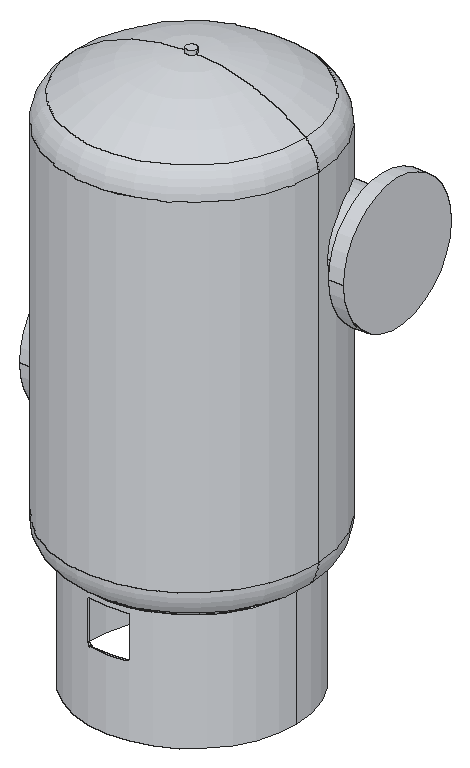
Revit family
Parameters (values of type "12-AS-L 125# W.P.")
  Weight = "960 lbs"
  Top to Inlet = 20.938"
  Top Connection Radius = 0.375"
  Top Connection Diameter = Top Connection Radius * 2  # 0.750"
  Tank Height = 80.500"
  Tangential = yes
  Tank Height Less Stand = 67.875"
  Tank Diameter = 36.000"
  Pipe Location off CL = 7.750"
  Outlet Pipe Flange Conn. Radius = Outlet Pipe Flange Conn / 2  # 6.000"
  Outlet Pipe Flange Conn = 12.000"
  Model = "12\"-AS-L"
  Pressure Drop = ".38"
  Max Operating Temp = "350 DEG F"
  Max Operating Pressure = "125 PSI"
  Manufacturer = "Amtrol"
  Inlet CL to Outlet CL = 26.000"
  Inlet Pipe Flange Conn = 12.000"
  Inlet Pipe Flange Conn. Radius = Inlet Pipe Flange Conn / 2  # 6.000"
  Flow (GPM) = "2100"
  Flange to Flange Height = 46.000"
  CL to Outlet Flange = 23.000"
  Bottom Connection Radius = Bottom Connection Diameter / 2  # 0.375"
  Bottom Connection Diameter = 0.750"
  ASME = yes
Types (5): name | Max Operating Pressure
  (no name) | "125 PSI"
  12-AS-L 125# W.P. | "125 PSI"
  12-AS-L 150# W.P. 10 BAR | "150 PSI"
  12-AS-L 250# W.P. | "250 PSI"
  12-AS-L 300# W.P. | "300 PSI"
Reference planes (in)
  plane 1 "Center (Front/Back)": y = 0
  plane 2: z = 0
  plane 3 "Center (Left/Right)": x = 0
Forms (in)
  Revolve 1, solid
    sketch origin (0, 0, 0) x (1, 0, 0) y (0, 0, 1)
      loop
        arc (0, 0.5) -> (8.56909, 1.97143) -> (16.23242, 6.07845) r 27.125
        arc (16.23242, 6.07845) -> (17.53294, 7.65936) -> (17.99856, 9.65281) r 4.5
        line (17.99856, 9.65281) -> (17.99856, 59.30286)
        arc (17.99856, 59.30286) -> (17.54519, 61.38796) -> (16.18226, 63.0298) r 4.5
        arc (16.18226, 63.0298) -> (8.52182, 67.00629) -> (0, 68.375) r 27.125
        line (0, 68.375) -> (0, 0.5)
      axis (0, 0.5) -> (0, 68.375)
    angle from 0 to 360
  Extrusion 2, solid
    sketch origin (0, 0, 4.33383) x (0, 1, 0) y (0, 0, 1)
      loop
        circle (7.75, 43.09945) r 6
    from 2.04863 to 20.935
  Extrusion 3, solid
    sketch origin (6.40684, 0, 8.25512) x (0, 1, 0) y (0, 0, 1)
      loop
        circle (7.75, 39.17816) r 9.5
    from 14.52816 to 16.59316
  Extrusion 4, solid
    sketch origin (0, 0, 0.63219) x (0, 1, 0) y (0, 0, 1)
      loop
        circle (7.75, 20.80159) r 9.5
    from -20.935 to -23
  Sweep 5, solid
    path origin (-0.01606, 0, 38.68978) x (1, 0, 0) y (0, 0, 1)
      loop
        line (0, 29.6815) -> (0, 30.1875)
    profile origin (-0.01606, 0, 68.62428) x (-1, 0, 0) y (0, -1, 0)
      loop
        circle (0, 0) r 0.75
  Sweep 6, solid
    path origin (0, 0, 0) x (1, 0, 0) y (0, 0, 1)
      loop
        line (0, 0) -> (0, 0.5538)
    profile origin (0, 0, 0.2769) x (-1, 0, 0) y (0, -1, 0)
      loop
        circle (0, 0) r 0.75
  Extrusion 7, solid
    sketch origin (0, 0, 0) x (1, 0, 0) y (0, 1, 0)
      loop
        circle (0, 0) r 15
      loop
        circle (0, 0) r 14.75
    from 5.14449 to -11.85551
  Extrusion 8, void
    sketch origin (0, 0, 0) x (1, 0, 0) y (0, 0, 1)
      loop
        line (-3, 4.39922) -> (-3, -1.28563)
        arc (-3, -1.28563) -> (-2.85355, -1.63919) -> (-2.5, -1.78563) r 0.5
        line (-2.5, -1.78563) -> (2.5, -1.78563)
        arc (2.5, -1.78563) -> (2.85355, -1.63919) -> (3, -1.28563) r 0.5
        line (3, -1.28563) -> (3, 4.39922) -> (-3, 4.39922)
    from 4.41095 to 19.03288
  Extrusion 9, solid
    sketch origin (0, 0, 0) x (0, 1, 0) y (0, 0, 1)
      loop
        circle (7.75, 21.43378) r 6
    from -20.935 to -1.49705
Cuts and joins
  Extrusion 8 cuts Sweep 6
  Extrusion 8 cuts Extrusion 7
Text (in)
  text "INLET" at (26.26038, 0, 52.66486), in view "Front"
  text "OUTLET" at (-34.14627, 0, 18.81542), in view "Front"
Dimensions and locks (in)
  "Pipe Location off CL": plane 1 "Center (Front/Back)" to Extrusion 2 sketch curve
  "Pipe Location off CL": Extrusion 4 sketch curve to plane 1 "Center (Front/Back)"
  "Pipe Location off CL": Extrusion 3 sketch curve to plane 1 "Center (Front/Back)"
  "CL to Outlet Flange": Extrusion 4 to plane 3 "Center (Left/Right)"
  "Top to Inlet": Sweep 5 to Extrusion 3 sketch curve
  "Top to Inlet": Sweep 5 to Extrusion 2 sketch curve
  locked: Sweep 5 to Extrusion 4 sketch curve at 46.9375
  locked: Revolve 1 sketch curve to level at 0.5
  locked: Revolve 1 sketch curve to Revolve 1 sketch curve at 17.99856
  Revolve 1 sketch curve to Revolve 1 sketch curve = 22.625"
  "Tank Height Less Stand": Revolve 1 sketch curve to Revolve 1 sketch curve
  "Pipe Location off CL": plane 1 "Center (Front/Back)" to Extrusion 9 sketch curve
  locked: Sweep 5 to Extrusion 9 sketch curve at 46.9375
  radius of Revolve 1 sketch curve = 27.125"  (x2)
  radius of Revolve 1 sketch curve = 4.500"  (x2)
  aligned and locked: Extrusion 2 to Extrusion 3
Automatic sketch dimensions
  Sweep 5 sketch curve to plane 3 "Center (Left/Right)" = 0.01606"
  Sweep 5 sketch curve to Sweep 5 sketch curve = 0.506"
  plane 1 "Center (Front/Back)" to Sweep 5 sketch curve = 0.000"
  Sweep 5 sketch curve to profile plane = 0.000"
  Sweep 6 sketch curve to plane 3 "Center (Left/Right)" = 0.000"
  Sweep 6 sketch curve to level = 0.000"
  level to Sweep 6 sketch curve = 0.5538"
  plane 1 "Center (Front/Back)" to Sweep 6 sketch curve = 0.000"
  Sweep 6 sketch curve to profile plane = 0.000"
  Extrusion 7 sketch curve to Extrusion 7 sketch curve = 0.000"  (x2)
  plane 1 "Center (Front/Back)" to Extrusion 7 sketch curve = 0.000"
  Extrusion 7 sketch curve to plane 3 "Center (Left/Right)" = 0.000"
  Extrusion 8 sketch curve to plane 3 "Center (Left/Right)" = 3.000"
  Extrusion 8 sketch curve to Extrusion 8 sketch curve = 0.500"  (x2)
  Extrusion 8 sketch curve to level = 1.28563"
  plane 3 "Center (Left/Right)" to Extrusion 8 sketch curve = 2.500"
  level to Extrusion 8 sketch curve = 4.39922"
  level to Sweep 5 sketch curve = 68.37128"
  plane 3 "Center (Left/Right)" to Revolve 1 sketch curve = 0.0142"
  Revolve 1 sketch curve to plane 3 "Center (Left/Right)" = 0.000"  (x2)
  Revolve 1 sketch curve to plane 3 "Center (Left/Right)" = 0.24666"
  Revolve 1 sketch curve to Revolve 1 sketch curve = 0.000"
  Revolve 1 sketch curve to Revolve 1 sketch curve = 1.81631"
  Revolve 1 sketch curve to Revolve 1 sketch curve = 0.0538"
  Revolve 1 sketch curve to Revolve 1 sketch curve = 7.61134"
  radius of Extrusion 2 sketch curve = 6.000"
  radius of Extrusion 3 sketch curve = 9.500"
  radius of Extrusion 4 sketch curve = 9.500"
  radius of Sweep 5 sketch curve = 0.750"
  radius of Sweep 6 sketch curve = 0.750"
  radius of Extrusion 7 sketch curve = 15.000"
  radius of Extrusion 7 sketch curve = 14.750"
  radius of Extrusion 9 sketch curve = 6.000"
Connectors (in)
  piping at (-0.01606, 0, 68.87728), driven by "Top Connection Radius"
    settings: on Sweep 5, index 3
  piping at (-23, 7.75, 21.43378), driven by "Outlet Pipe Flange Conn. Radius"
    settings: on Extrusion 4, index 4
  piping at (0, 0, 0), driven by "Bottom Connection Radius"
    settings: on Sweep 6, index 5
  piping at (23, 7.75, 47.43328), driven by "Inlet Pipe Flange Conn. Radius"
    settings: on Extrusion 3, index 6
